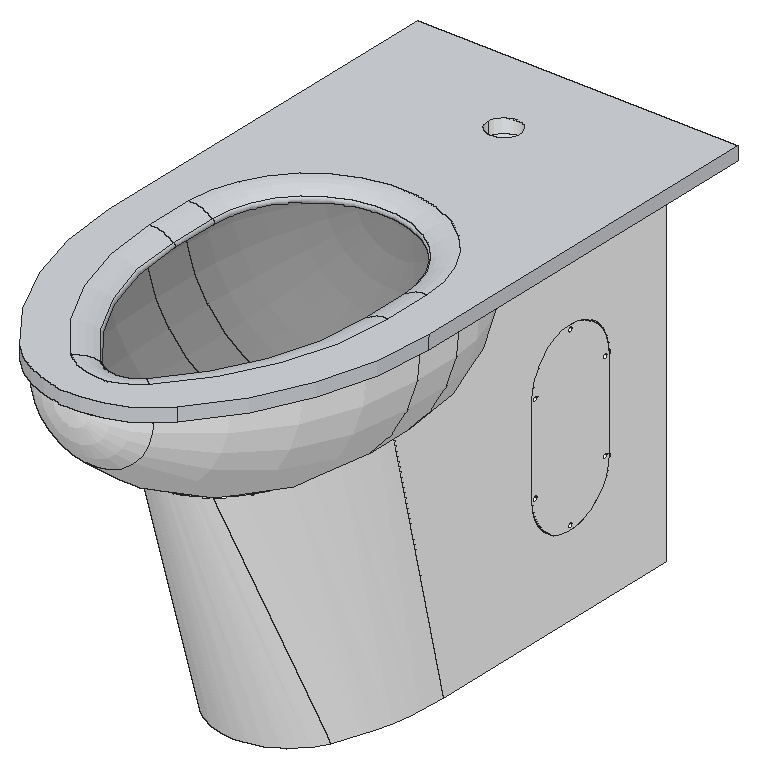
Revit family "Toilet-Floor_Outlet-Whitehall-BestCare-WH2142-ADA-T-3-EGE10_Series", category Plumbing Fixtures, host Face, Revit 2019
Family settings
  Host = Face
  Round Connector Dimension = Use Diameter
  Part Type = Normal
  OmniClass Number = 23.45.05.21.11.11
  OmniClass Title = Water Operated Water Closets
  Cut with Voids When Loaded = No
  Shared = Yes
  Room Calculation Point = No
Parameters (values of type "WH2142-ADA-T-3-EGE10_10")
  cUPC Compliant = yes
  Width = 14 3/4"  # constant formula
  Waste Connection Radius = Waste Connection Diameter / 2  # 3 3/4"
  Waste Connection Height = 5 1/2"  # constant formula
  Waste Connection Distance From Wall = 10"
  Waste Connection Diameter = 7 1/2"
  Waste Connection = yes
  WH-LRSC-WHITE Ligature Resistant Seat Cover, White (Shipped Loose) = no
  WH-LRSC-BLUE Ligature Resistant Seat Cover, Dignity Blue (Shipped Loose) = no
  WH-LRSC-BLACK Ligature Resistant Seat Cover, Black (Shipped Loose) = no
  WFU = 5
  Vent Connection = no
  URL = "http://www.whitehallmfg.com"
  Type Comments = ""
  Seat Cover Material = Stainless_Steel-Whitehall-WH-LRSC-GRAY
  Revised Date = "08/18/2023"  # constant formula
  Product Page URL = "https://www.whitehallmfg.com/wh2142-ada-t-ligature-resistant-top-supply-ada-toilets"
  Product Documentation Link = "https://www.whitehallmfg.com/uploads/fileLibrary/WH2142-ADA-T.pdf"
  Model = "WH2142-ADA-T-3-EGE10_10"
  Minimum Flowing Pressure = 25.00 psi  # constant formula
  Manufacturer = "Whitehall Mfg"  # constant formula
  Load Rating = "5000 lbs."
  Length = 29 1/4"  # constant formula
  Installation Type = "Floor Mounted"  # constant formula
  Height = 18 3/8"
  HWFU = 0
  HW Connection = no
  Flush Rate = "1.28 gpf"  # constant formula
  Description = "BestCare® Ligature-Resistant, ADA Compliant Toilet, On-Floor, Top Supply"
  Default Elevation = 0"
  Creation Date = "01/21/2021"  # constant formula
  Compliance Certifications = "The toilet is compliant to ADA 2010, ASME A112.19.3 and CSA B45.4."
  CWFU = 5
  CW Connection = yes
  Bowl Shape = "Elongated"  # constant formula
  Body Material = Stainless Steel-Whitehall-Powder Coated White
  Assembly Code = "D2010110"
  ADA Compliant = yes
  -ULF 1.6 Hydraulic GPF = no
  -HET 1.28 Hydraulic GPF = no
Types (3): name | Waste Connection Distance From Wall | Model
  (no name) | 10" | "WH2142-ADA-T-3-EGE10_10"
  WH2142-ADA-T-3-EGE10_10 | 10" | "WH2142-ADA-T-3-EGE10_10"
  WH2142-ADA-T-3-EGE10_12 | 12" | "WH2142-ADA-T-3-EGE10_12"
Reference planes (in)
  plane 1 "Center (Front/Back)": y = 1.5
  plane 2: z = 0
  plane 3 "Center (Left/Right)": x = 0
  plane 4: x = -8.5625
  plane 5: x = 8.5625
  plane 6: y = -27.75
  plane 7: x = 7.375
  plane 8: x = -7.375
  plane 9: z = 18.375
  plane 10: x = 4.25
  plane 11: x = -4.25
  plane 12: y = -8.5
Forms (in)
  Revolve 1, solid, material "Stainless Steel-Whitehall-Powder Coated White" <- "Body Material"
    sketch origin (0, -4.88957, 0) x (0, 1, 0) y (0, 0, 1)
      loop
        line (-3.61043, 0) -> (0.13957, 0) -> (0.13957, 0.125) -> (-3.61043, 0.125) -> (-3.61043, 0)
      axis (-3.61043, 0.125) -> (-3.61043, 0)
    angle from 0 to 360
Lines and regions (in)
  Masking region 1
    outline origin (0, 0, 0) x (1, 0, 0) y (0, 1, 0)
      loop
        line (7.375, 1.5) -> (-7.375, 1.5) -> (-7.375, -16.28261)
        arc (-7.375, -16.28261) -> (-6.41176, -21.5335) -> (-3.64748, -26.1006) r 14.79364
        arc (-3.64748, -26.1006) -> (0, -27.74061) -> (3.64748, -26.1006) r 4.8761
        arc (3.64748, -26.1006) -> (6.41176, -21.5335) -> (7.375, -16.28261) r 14.79364
        line (7.375, -16.28261) -> (7.375, 1.5)
  symbolic lines, detail levels medium+fine
    curve 1: arc (2.58327, -22.49208, 0) -> (4.19638, -18.31197, 0) -> (4.36709, -13.83465, 0) r 13.63167
    curve 2: arc (-2.84102, -10.56411, 0) -> (0.94981, -9.68557, 0) -> (3.9375, -12.17876, 0) r 4.36873
    curve 3: arc (3.9375, -12.17876, 0) -> (4.21866, -12.98949, 0) -> (4.36709, -13.83465, 0) r 5.36995
    curve 4: arc (-2.58327, -22.49208, 0) -> (-4.19638, -18.31197, 0) -> (-4.36709, -13.83465, 0) r 13.63167
    curve 5: arc (-2.84102, -10.56411, 0) -> (-3.88705, -12.06733, 0) -> (-4.36709, -13.83465, 0) r 5.36995
    curve 6: arc (-2.58327, -22.49208, 0) -> (0, -23.96672, 0) -> (2.58327, -22.49208, 0) r 3
    curve 7: circle (0, -2.75, 0) r 0.75 normal (0, 0, -1)
Dimensions and locks (in)
  plane 5 to plane 4 = 17 1/8"
  "Length": plane 6 to plane 1 "Center (Front/Back)"  (x2)
  "Width": plane 8 to plane 7
  "Height": plane 9 to host face
  equal spacing: plane 11, plane 3 "Center (Left/Right)", plane 10, locked at 4.25 each
  plane 8 to plane 7 = 14 3/4"
  plane 9 to host face = 18 3/8"
  "Waste Connection Distance From Wall": plane 12 to plane 1 "Center (Front/Back)"
  "Waste Connection Radius": Revolve 1 sketch curve to Revolve 1 sketch curve
  aligned and locked: plane 2 to host face
  aligned and locked: level to host face
  aligned and locked: plane 1 "Center (Front/Back)" to nested 1
  aligned and locked: plane 3 "Center (Left/Right)" to nested 1
  aligned and locked: Revolve 1 sketch curve to Revolve 1 sketch curve
  aligned and locked: Revolve 1 sketch curve to plane 12
Automatic sketch dimensions
  curve 7 to plane 3 "Center (Left/Right)" = 0"
  curve 6 to plane 3 "Center (Left/Right)" = 0"
  curve 2 to plane 3 "Center (Left/Right)" = 1/16"
  curve 3 to plane 3 "Center (Left/Right)" = 0.97922"
  curve 1 to plane 4 = 0.59232"
  plane 3 "Center (Left/Right)" to curve 5 = 0.97922"
  plane 5 to curve 4 = 0.59232"
  curve 6 to plane 6 = 6.78328"
  curve 1 to plane 12 = 7.06101"
  curve 4 to plane 12 = 7.06101"
  curve 3 to plane 12 = 5.83798"
  curve 3 to curve 5 = 0"
  curve 3 to curve 2 = 0.40259"
  plane 1 "Center (Front/Back)" to curve 7 = 4 1/4"
  plane 11 to curve 6 = 1.66673"
  curve 4 to curve 6 = 0"
  plane 11 to curve 5 = 1.40898"
  curve 5 to plane 11 = 0.11709"
  curve 1 to curve 6 = 0"
  curve 3 to curve 2 = 0"
  host sketch curve to host sketch curve = 96"  (x2)
  plane 1 "Center (Front/Back)" to Masking region 1 sketch curve = 0"
  Masking region 1 sketch curve to plane 8 = 0"
  Masking region 1 sketch curve to plane 3 "Center (Left/Right)" = 0"
  Masking region 1 sketch curve to plane 7 = 0"
  Masking region 1 sketch curve to Masking region 1 sketch curve = 0.04364"  (x2)
  Masking region 1 sketch curve to plane 12 = 7.78261"
  Masking region 1 sketch curve to Masking region 1 sketch curve = 0"  (x2)
  Masking region 1 sketch curve to plane 6 = 4.88549"
  Revolve 1 sketch curve to level = 0"
  Revolve 1 sketch curve to Revolve 1 sketch curve = 1/8"
  Revolve 1 sketch curve to level = 3 3/4"
  Revolve 1 sketch curve to Revolve 1 sketch curve = 7 7/8"
  radius of curve 7 = 3/4"
Nested families (in)
  nested 1: "Toilet-Floor_Outlet-Whitehall-BestCare-WH2142-ADA-W-EGE10_Series" at (0, 0, 0), type "WH2142-ADA-W-3-EGE10_10"
Connectors (in)
  piping at (0, -8.5, 0), diameter 7.5, driven by "Waste Connection Diameter", driven by "WFU"
    settings: on Revolve 1, index 1, connector inside diameter 24", connector length 0", flow factor 0, pipe flow 0 GPM, pressure drop 0.00 psi, fitting loss kfactor 0, connector angle 0.00°, fixture units 5, engagement length 0", angle of deflection 0.00°, flow configuration 3, flow direction 2, fitting loss method 0, system type 16, joint type 0, gender type 0, connector reference index -1, connector utility 0, adjustable connector no, is connector primary yes, connector description "7 1/2\" Waste Outlet Connection"
Definition of nested family "Toilet-Floor_Outlet-Whitehall-BestCare-WH2142-ADA-W-EGE10_Series"
  Parameters (values of type "WH2142-ADA-W-3-EGE10_10")
    Width = 14 3/4"  # constant formula
    Waste Connection Radius = Waste Connection Diameter / 2  # 1 3/16"
    Waste Connection Distance From Wall = 10"
    Waste Connection Diameter = 2 3/8"  # constant formula
    Waste Connection = yes
    WFU = 5
    Vent Connection = no
    URL = "http://www.whitehallmfg.com"
    Type Comments = ""
    Seat Cover WH-LRSC-WHITE Ligature Resistant Seat Cover, White (Shipped Loose) = no
    Seat Cover WH-LRSC-BLUE Ligature Resistant Seat Cover, Dignity Blue (Shipped Loose) = no
    Seat Cover WH-LRSC-BLACK Ligature Resistant Seat Cover, Black (Shipped Loose) = no
    Seat Cover Material = none
    Revised Date = "04/21/2022"  # constant formula
    Product Page URL = "https://www.whitehallmfg.com/product.aspx?ProductId=1065"
    Product Documentation Link = "https://www.whitehallmfg.com/uploads/fileLibrary/WH2142-ADA-W.pdf"
    Price = "Prices may vary. Please consult Manufacturer Representative for most up-to-date price list."  # constant formula
    Model = "WH2142-ADA-W-3-EGE10_10"
    Minimum Flowing Pressure = 25.00 psi  # constant formula
    Material = "Stainless Steel-Whitehall-Powder Coated White"  # constant formula
    Manufacturer = "Whitehall Mfg"  # constant formula
    Length = 29 1/4"  # constant formula
    Installation Type = "Floor Mounted"  # constant formula
    Inlet Connection Radius = Inlet Connection Diameter / 2  # 3/4"
    Inlet Connection Height = 16"  # constant formula
    Inlet Connection Diameter = 1 1/2"  # constant formula
    Height = 18 3/8"  # constant formula
    HWFU = 0
    HW Connection = no
    Flush Valve Height Constraint = if(Flush Valve Height < 19", 19", (if(Flush Valve Height > 36", 36", Flush Valve Height)))  # 36"
    Flush Valve Height = 36"
    Flush Rate = "1.28 gpf"  # constant formula
    Description = "Whitehall Ligature Resistant Cistern Tank Toilet"
    Default Elevation = 0"
    Creation Date = "01/21/2021"  # constant formula
    Connection Type = "1-1/2\" Female NPT Inlet Connection"
    CWFU = 5
    CW Connection = yes
    Bowl Shape = "Elongated"  # constant formula
    Body Material = none
    Assembly Code = "D2010110"
    ADA Compliant = yes
    -ULF 1.6 Hydraulic GPF = no
    -HET 1.28 Hydraulic GPF = no
  Types (3): name | Waste Connection Distance From Wall | Model
    (no name) | 10" | "WH2142-ADA-W-3-EGE10_10"
    WH2142-ADA-W-3-EGE10_10 | 10" | "WH2142-ADA-W-3-EGE10_10"
    WH2142-ADA-W-3-EGE10_12 | 12" | "WH2142-ADA-W-3-EGE10_12"
  Reference planes (in)
    plane 1 "Center (Front/Back)": y = 1.5
    plane 2: z = 0
    plane 3 "Center (Left/Right)": x = 0
    plane 4: x = -8.5625
    plane 5: x = 8.5625
    plane 6: y = -27.75
    plane 7: x = 7.375
    plane 8: x = -7.375
    plane 9: z = 16
    plane 10: z = 18.375
    plane 11: x = 4.25
    plane 12: x = -4.25
    plane 13: z = 36
    plane 14: x = 4.0625
    plane 15: x = -4.0625
    plane 16: x = -4.0625
    plane 17: x = 4.0625
    plane 18: y = -8.5
  Forms (in)
    Extrusion 1, solid
      sketch origin (0, 0, 0) x (1, 0, 0) y (0, 1, 0)
        loop
          line (-48, 48) -> (-48, -48) -> (48, -48) -> (48, 48) -> (-48, 48)
      from 0 to -12
    Blend 2, solid, material <- "Body Material"
      base sketch origin (0, -1.72011, 3) x (1, 0, 0) y (0, 1, 0)
        loop
          line (4.0625, 3.22011) -> (-4.0625, 3.22011) -> (-4.0625, -9.55903)
          arc (-4.0625, -9.55903) -> (-3.78724, -12.19861) -> (-2.97331, -14.7246) r 12.79364
          arc (-2.97331, -14.7246) -> (0, -16.66238) -> (2.97331, -14.7246) r 3.25
          arc (2.97331, -14.7246) -> (3.78724, -12.19861) -> (4.0625, -9.55903) r 12.79364
          line (4.0625, -9.55903) -> (4.0625, 3.22011)
      top sketch origin (0, -1.72011, 3) x (1, 0, 0) y (0, 1, 0)
        loop
          line (-4.0625, 3.22011) -> (-4.0625, -12.55903)
          arc (-4.0625, -12.55903) -> (-3.43599, -16.51354) -> (-1.61783, -20.08074) r 12.79364
          arc (-1.61783, -20.08074) -> (0, -20.90489) -> (1.61783, -20.08074) r 2
          arc (1.61783, -20.08074) -> (3.43599, -16.51354) -> (4.0625, -12.55903) r 12.79364
          line (4.0625, -12.55903) -> (4.0625, 3.22011) -> (-4.0625, 3.22011)
      from -3 to 9.35933
    Revolve 3, solid, material <- "Body Material"
      sketch origin (0, 1.25, 17.75) x (1, 0, 0) y (0, 1, 0)
        loop
          arc (-2.88823, -27.76733) -> (-1.57014, -28.67895) -> (0, -29) r 4
          line (0, -29) -> (0, -27.75)
          arc (0, -27.75) -> (-1.07947, -27.52928) -> (-1.98566, -26.90254) r 2.75
          arc (-1.98566, -26.90254) -> (-4.77373, -22.58152) -> (-5.75, -17.53261) r 13.54364
          line (-5.75, -17.53261) -> (-5.75, -15.28261)
          arc (-5.75, -15.28261) -> (-4.06586, -11.21675) -> (0, -9.53261) r 5.75
          line (0, -9.53261) -> (0, -8.28261)
          arc (0, -8.28261) -> (-4.94975, -10.33287) -> (-7, -15.28261) r 7
          line (-7, -15.28261) -> (-7, -17.53261)
          arc (-7, -17.53261) -> (-5.93362, -23.0475) -> (-2.88823, -27.76733) r 14.79364
        axis (0, -8.28261) -> (0, -29)
      angle from 0 to 180
    Blend 4, solid, material <- "Body Material"
      base sketch origin (0, -2.10102, 3) x (1, 0, 0) y (0, 1, 0)
        loop
          line (-4.0625, 3.60102) -> (-4.0625, -9.93316)
          arc (-4.0625, -9.93316) -> (0, -6.93159) -> (4.0625, -9.93316) r 4.25
          line (4.0625, -9.93316) -> (4.0625, 3.60102) -> (-4.0625, 3.60102)
      top sketch origin (0, -2.10102, 3) x (1, 0, 0) y (0, 1, 0)
        loop
          line (-4.0625, 3.60102) -> (-4.0625, -6.33302)
          arc (-4.0625, -6.33302) -> (0, -3.73884) -> (4.0625, -6.33302) r 4.47804
          line (4.0625, -6.33302) -> (4.0625, 3.60102) -> (-4.0625, 3.60102)
      from 9.35933 to 14.75
    Extrusion 5, solid
      sketch origin (0, 0, 3) x (1, 0, 0) y (0, 1, 0)
        loop
          arc (3.64748, -26.1006) -> (6.41176, -21.5335) -> (7.375, -16.28261) r 14.79364
          line (7.375, -16.28261) -> (7.375, 1.5) -> (-7.375, 1.5) -> (-7.375, -16.28261)
          arc (-7.375, -16.28261) -> (-6.41176, -21.5335) -> (-3.64748, -26.1006) r 14.79364
          arc (-3.64748, -26.1006) -> (0, -27.74061) -> (3.64748, -26.1006) r 4.8761
        loop
          line (-5.75, -14.03261) -> (-5.75, -16.28261)
          arc (-5.75, -16.28261) -> (-4.77373, -21.33152) -> (-1.98566, -25.65254) r 13.54364
          arc (-1.98566, -25.65254) -> (0, -26.5) -> (1.98566, -25.65254) r 2.75
          arc (1.98566, -25.65254) -> (4.77373, -21.33152) -> (5.75, -16.28261) r 13.54364
          line (5.75, -16.28261) -> (5.75, -14.03261)
          arc (5.75, -14.03261) -> (0, -8.28261) -> (-5.75, -14.03261) r 5.75
        loop
          circle (0, -2.75) r 0.75
      from 14.75 to 15.375
    Revolve 6, void
      sketch origin (0, 0, 17.75) x (1, 0, 0) y (0, 1, 0)
        loop
          arc (0, -9.3919) -> (-4.76587, -10.58976) -> (-6.86573, -15.03261) r 5.75
          line (-6.86573, -15.03261) -> (-6.86573, -16.86882)
          arc (-6.86573, -16.86882) -> (-5.88946, -21.91773) -> (-3.10139, -26.23875) r 13.54364
          arc (-3.10139, -26.23875) -> (-1.64725, -27.03435) -> (0, -26.8497) r 2.75
          line (0, -26.8497) -> (0, -9.3919)
        axis (0, -9.3919) -> (0, -26.8497)
      angle from 0 to 180
    Extrusion 7, void
      sketch origin (4.25, 0.75788, -0.13044) x (0, -1, 0) y (0, 0, 1)
        loop
          arc (2.50788, 6.09537) -> (4.75788, 3.84537) -> (7.00788, 6.09537) r 2.25
          line (7.00788, 6.09537) -> (7.00788, 10.14454)
          arc (7.00788, 10.14454) -> (4.75788, 12.39454) -> (2.50788, 10.14454) r 2.25
          line (2.50788, 10.14454) -> (2.50788, 6.09537)
        loop
          arc (6.97663, 10.14454) -> (4.75788, 12.36329) -> (2.53913, 10.14454) r 2.21875
          line (2.53913, 10.14454) -> (2.53913, 6.09537)
          arc (2.53913, 6.09537) -> (4.75788, 3.87662) -> (6.97663, 6.09537) r 2.21875
          line (6.97663, 6.09537) -> (6.97663, 10.14454)
        loop
          circle (6.78124, 10.18236) r 0.125
        loop
          circle (4.76226, 12.16582) r 0.125
        loop
          circle (2.74328, 10.18236) r 0.125
        loop
          circle (2.74328, 6.05699) r 0.125
        loop
          circle (6.78124, 6.05699) r 0.125
        loop
          circle (4.76226, 4.0741) r 0.125
      from 0 to 12
    Sweep 8, solid
      path origin (0, 1.25, 3) x (1, 0, 0) y (0, 1, 0)
        loop
          arc (-5.75, -17.53261) -> (-4.77373, -22.58152) -> (-1.98566, -26.90254) r 13.54364
          arc (-1.98566, -26.90254) -> (0, -27.75) -> (1.98566, -26.90254) r 2.75
          arc (1.98566, -26.90254) -> (4.77373, -22.58152) -> (5.75, -17.53261) r 13.54364
          line (5.75, -17.53261) -> (5.75, -15.28261)
          arc (5.75, -15.28261) -> (0, -9.53261) -> (-5.75, -15.28261) r 5.75
          line (-5.75, -15.28261) -> (-5.75, -17.53261)
      profile origin (-5.75, -15.15761, 3) x (-1, 0, 0) y (0, 0, 1)
        loop
          line (0, 15.375) -> (-0.25, 15.375)
          arc (-0.25, 15.375) -> (-0.8128, 15.28541) -> (-1.31996, 15.02549) r 1.8125
          arc (-1.31996, 15.02549) -> (-1.37488, 14.85511) -> (-1.22997, 14.75) r 0.15244
          line (-1.22997, 14.75) -> (0, 14.75) -> (0, 15.375)
    Extrusion 9, solid, material <- "Body Material", not visible
      sketch origin (-7.375, 1.5, 0) x (1, 0, 0) y (0, 1, 0)
        loop
          circle (7.375, -10) r 1.1875
      from 0 to 0.89958
  Cuts and joins
    Revolve 6, Extrusion 7 cuts Blend 2
    joined: Blend 2, Blend 4
    Revolve 6 cuts Extrusion 5
    joined: Extrusion 5, Sweep 8
  Lines and regions (in)
    Masking region 1
      outline origin (0, 0, 0) x (1, 0, 0) y (0, 1, 0)
        loop
          line (7.375, 1.5) -> (-7.375, 1.5) -> (-7.375, -16.28261)
          arc (-7.375, -16.28261) -> (-6.41176, -21.5335) -> (-3.64748, -26.1006) r 14.79364
          arc (-3.64748, -26.1006) -> (0, -27.74061) -> (3.64748, -26.1006) r 4.8761
          arc (3.64748, -26.1006) -> (6.41176, -21.5335) -> (7.375, -16.28261) r 14.79364
          line (7.375, -16.28261) -> (7.375, 1.5)
    Split face 1
      outline origin (7.375, 1.5, 18.375) x (0, 1, 0) y (-1, 0, 0)
        loop
          arc (-13.25, 14.75) -> (-9.71447, 13.28553) -> (-8.25, 9.75) r 5
          line (-8.25, 9.75) -> (-8.25, 5)
          arc (-8.25, 5) -> (-9.71447, 1.46447) -> (-13.25, 0) r 5
    symbolic lines, detail levels medium+fine
      curve 1: arc (1.01213, -24.64152, 0) -> (3.86392, -19.60265, 0) -> (4.36709, -13.83465, 0) r 13.63167
      curve 2: arc (-2.84102, -10.56411, 0) -> (0.94981, -9.68557, 0) -> (3.9375, -12.17876, 0) r 4.36873
      curve 3: arc (3.9375, -12.17876, 0) -> (4.21866, -12.98949, 0) -> (4.36709, -13.83465, 0) r 5.36995
      curve 4: arc (-1.01213, -24.64152, 0) -> (-3.86392, -19.60265, 0) -> (-4.36709, -13.83465, 0) r 13.63167
      curve 5: arc (-2.84102, -10.56411, 0) -> (-3.88705, -12.06733, 0) -> (-4.36709, -13.83465, 0) r 5.36995
      curve 6: arc (-1.01213, -24.64152, 0) -> (0, -25.09459, 0) -> (1.01213, -24.64152, 0) r 1.35705
      curve 10: circle (0, -2.75, 0) r 0.75 normal (0, 0, -1)
      curve 11: line (-0.23125, 1.08276, 0) -> (0.23125, 1.08276, 0)
      curve 12: line (-0.41875, 1.17287, 0) -> (0.41875, 1.17287, 0)
      curve 13: line (-0.61875, 1.28901, 0) -> (0.61875, 1.28901, 0)
      curve 14: line (-0.61875, 1.28901, 0) -> (-0.61875, 1.5, 0)
      curve 15: line (-0.41875, 1.28901, 0) -> (-0.41875, 1.17287, 0)
      curve 16: line (-0.23125, 1.08276, 0) -> (-0.23125, 1.17287, 0)
      curve 17: line (0.61875, 1.28901, 0) -> (0.61875, 1.5, 0)
      curve 18: line (0.41875, 1.28901, 0) -> (0.41875, 1.17287, 0)
      curve 19: line (0.23125, 1.08276, 0) -> (0.23125, 1.17287, 0)
    symbolic lines, detail levels fine
      curve 7: arc (-7.375, -11.75, 0) -> (-5.91053, -8.21447, 0) -> (-2.375, -6.75, 0) r 5
      curve 8: line (-2.375, -6.75, 0) -> (2.375, -6.75, 0)
      curve 9: arc (7.375, -11.75, 0) -> (5.91053, -8.21447, 0) -> (2.375, -6.75, 0) r 5
  Dimensions and locks (in)
    plane 5 to plane 4 = 17 1/8"
    "Length": plane 6 to plane 1 "Center (Front/Back)"
    "Width": plane 8 to plane 7
    "Inlet Connection Height": plane 9 to level
    "Height": plane 10 to Extrusion 1
    equal spacing: plane 12, plane 3 "Center (Left/Right)", plane 11, locked at 4.25 each
    "Flush Valve Height Constraint": plane 13 to Extrusion 1
    "Waste Connection Distance From Wall": plane 1 "Center (Front/Back)" to plane 18
    "Waste Connection Diameter": diameter of Extrusion 9 sketch curve
    aligned and locked: plane 2 to Extrusion 1
    aligned and locked: level to Extrusion 1
    aligned and locked: Blend 2 to level
    aligned and locked: curve 10 to cut or joined group of Extrusion 5, Revolve 6, Sweep 8
    aligned and locked: Extrusion 9 sketch curve to plane 18
    aligned and locked: plane 3 "Center (Left/Right)" to Extrusion 9 sketch curve
  Automatic sketch dimensions
    Extrusion 1 sketch curve to Extrusion 1 sketch curve = 96"  (x2)
    plane 1 "Center (Front/Back)" to Masking region 1 sketch curve = 0"
    Masking region 1 sketch curve to plane 8 = 0"
    Masking region 1 sketch curve to plane 3 "Center (Left/Right)" = 0"
    Masking region 1 sketch curve to plane 7 = 0"
    Masking region 1 sketch curve to Masking region 1 sketch curve = 0.04364"  (x2)
    Masking region 1 sketch curve to Masking region 1 sketch curve = 0"  (x2)
    Masking region 1 sketch curve to plane 6 = 4.88549"
    Blend 2 sketch curve to plane 15 = 0"
    Blend 2 sketch curve to plane 3 "Center (Left/Right)" = 0"  (x2)
    plane 1 "Center (Front/Back)" to Blend 2 sketch curve = 0"  (x2)
    Blend 2 sketch curve to plane 14 = 0"
    Blend 2 sketch curve to plane 4 = 0.16864"  (x2)
    plane 5 to Blend 2 sketch curve = 0.16864"  (x2)
    Blend 2 sketch curve to Blend 2 sketch curve = 0"  (x4)
    plane 12 to Blend 2 sketch curve = 3/16"
    plane 11 to Blend 2 sketch curve = 3/16"
    Blend 2 sketch curve to plane 6 = 7 1/8"
    Revolve 3 sketch curve to Revolve 3 sketch curve = 0"  (x6)
    Revolve 3 sketch curve to plane 3 "Center (Left/Right)" = 0"  (x3)
    plane 6 to Revolve 3 sketch curve = 0"
    Revolve 3 sketch curve to plane 12 = 1 1/2"
    Revolve 3 sketch curve to plane 8 = 3/8"
    plane 7 to Revolve 3 sketch curve = 0.41864"
    Revolve 3 sketch curve to Revolve 3 sketch curve = 1 1/4"
    Revolve 3 sketch curve to Revolve 3 sketch curve = 2 3/4"
    Revolve 3 sketch curve to Revolve 3 sketch curve = 1"
    plane 1 "Center (Front/Back)" to Blend 4 sketch curve = 0"  (x2)
    Blend 4 sketch curve to plane 16 = 0"
    Blend 4 sketch curve to plane 3 "Center (Left/Right)" = 0"  (x2)
    Blend 4 sketch curve to plane 17 = 0"
    plane 12 to Blend 4 sketch curve = 3/16"
    plane 11 to Blend 4 sketch curve = 3/16"
    plane 1 "Center (Front/Back)" to Extrusion 5 sketch curve = 0"
    Extrusion 5 sketch curve to plane 8 = 0"
    Extrusion 5 sketch curve to plane 3 "Center (Left/Right)" = 0"  (x4)
    Extrusion 5 sketch curve to plane 7 = 0"
    Extrusion 5 sketch curve to Extrusion 5 sketch curve = 0.04364"  (x2)
    Extrusion 5 sketch curve to Extrusion 5 sketch curve = 3/8"  (x2)
    Extrusion 5 sketch curve to plane 12 = 1 1/2"
    plane 1 "Center (Front/Back)" to Extrusion 5 sketch curve = 4 1/4"
    Extrusion 5 sketch curve to Extrusion 5 sketch curve = 2 1/4"
    Extrusion 5 sketch curve to Extrusion 5 sketch curve = 0"  (x5)
    Extrusion 5 sketch curve to plane 6 = 4.88549"
    Extrusion 5 sketch curve to Extrusion 5 sketch curve = 0.88549"
    Revolve 6 sketch curve to plane 3 "Center (Left/Right)" = 0"  (x2)
    Revolve 6 sketch curve to plane 3 "Center (Left/Right)" = 1.11573"  (x2)
    Revolve 6 sketch curve to plane 8 = 0.50927"
    Revolve 6 sketch curve to plane 7 = 0.69709"
    Revolve 6 sketch curve to plane 6 = 0.9003"
    Revolve 6 sketch curve to Revolve 6 sketch curve = 2.51349"
    Revolve 6 sketch curve to Revolve 6 sketch curve = 1.83621"
    Revolve 6 sketch curve to Revolve 6 sketch curve = 0.33621"
    Sweep 8 sketch curve to plane 3 "Center (Left/Right)" = 0"  (x2)
    Sweep 8 sketch curve to plane 12 = 1 1/2"
    plane 8 to Sweep 8 sketch curve = 0.41864"
    plane 7 to Sweep 8 sketch curve = 0.41864"
    Sweep 8 sketch curve to plane 6 = 4"
    Sweep 8 sketch curve to Sweep 8 sketch curve = 0"  (x2)
    Sweep 8 sketch curve to profile plane = 0"
    profile plane to Sweep 8 sketch curve = 1/4"
    Sweep 8 sketch curve to Sweep 8 sketch curve = 0.97997"
    profile plane to Sweep 8 sketch curve = 13 9/16"
    Sweep 8 sketch curve to Sweep 8 sketch curve = 1 3/16"
    Sweep 8 sketch curve to Sweep 8 sketch curve = 0.15244"
    Sweep 8 sketch curve to Sweep 8 sketch curve = 5/8"
    Split face 1 sketch curve to cut or joined group of Extrusion 5, Revolve 6, Sweep 8 = 0"  (x2)
    Split face 1 sketch curve to Split face 1 sketch curve = 0"
    Split face 1 sketch curve to cut or joined group of Extrusion 5, Revolve 6, Sweep 8 = 3 1/8"
    Split face 1 sketch curve to cut or joined group of Extrusion 5, Revolve 6, Sweep 8 = 13 1/4"
    curve 6 to plane 3 "Center (Left/Right)" = 0"
    curve 2 to plane 3 "Center (Left/Right)" = 1/16"
    curve 3 to plane 3 "Center (Left/Right)" = 0.97922"
    curve 1 to plane 4 = 0.59232"
    plane 3 "Center (Left/Right)" to curve 5 = 0.97922"
    plane 5 to curve 4 = 0.59232"
    curve 6 to plane 6 = 4.01246"
    curve 3 to curve 5 = 0"
    curve 3 to curve 2 = 0.40259"
    curve 6 to plane 3 "Center (Left/Right)" = 1.01213"
    curve 4 to curve 6 = 0"
    curve 5 to plane 3 "Center (Left/Right)" = 2.84102"
    curve 1 to curve 6 = 0"
    curve 3 to curve 2 = 0"
    curve 4 to plane 6 = 12.18899"
    curve 6 to curve 1 = 9.0805"
    curve 4 to curve 5 = 1.22303"
    curve 5 to plane 12 = 0.11709"
    Masking region 1 sketch curve to Masking region 1 sketch curve = 6.5819"
    Blend 2 sketch curve to Blend 2 sketch curve = 12.77915"
    Blend 2 sketch curve to Blend 2 sketch curve = 3.85334"
    Blend 2 sketch curve to Blend 2 sketch curve = 6.34585"
    Revolve 3 sketch curve to Revolve 3 sketch curve = 6.46739"
    Revolve 3 sketch curve to Revolve 3 sketch curve = 2 1/4"
    Revolve 3 sketch curve to Revolve 3 sketch curve = 2.46739"
    Blend 4 sketch curve to Blend 4 sketch curve = 13.53418"
    Blend 4 sketch curve to Blend 4 sketch curve = 1.24844"
    Blend 4 sketch curve to Blend 4 sketch curve = 9.93404"
    Blend 4 sketch curve to Blend 4 sketch curve = 1.88386"
    Extrusion 5 sketch curve to Extrusion 5 sketch curve = 6.5819"
    Revolve 6 sketch curve to Revolve 6 sketch curve = 7.13118"
    Revolve 6 sketch curve to Revolve 6 sketch curve = 2.6081"
    Sweep 8 sketch curve to Sweep 8 sketch curve = 7.46739"
    Sweep 8 sketch curve to Sweep 8 sketch curve = 2 1/4"
    Extrusion 7 sketch curve to Extrusion 7 sketch curve = 0"  (x5)
    Extrusion 7 sketch curve to Extrusion 7 sketch curve = 1/32"
    Extrusion 7 sketch curve to Extrusion 7 sketch curve = 0.20415"  (x2)
    level to Extrusion 7 sketch curve = 3.94366"
    Extrusion 7 sketch curve to Extrusion 7 sketch curve = 1.98289"  (x2)
    Extrusion 7 sketch curve to Extrusion 7 sketch curve = 0.03839"
    Extrusion 7 sketch curve to Extrusion 7 sketch curve = 4.04917"
    Extrusion 7 sketch curve to Extrusion 7 sketch curve = 0.03781"  (x2)
    Extrusion 7 sketch curve to Extrusion 7 sketch curve = 2.02127"
    curve 7 to Masking region 1 = 0"
    curve 14 to Masking region 1 = 0"
    curve 17 to Masking region 1 = 0"
    curve 9 to Masking region 1 = 0"
    curve 8 to curve 10 = 2 3/8"
    curve 14 to curve 10 = 0.61875"
    curve 13 to curve 15 = 0.2"
    curve 12 to curve 11 = 3/16"
    curve 7 to curve 9 = 4 3/4"
    curve 8 to curve 10 = 4"
    curve 16 to curve 13 = 0.84999"
    curve 19 to curve 18 = 3/16"
    curve 18 to curve 17 = 0.2"
    plane 1 "Center (Front/Back)" to Extrusion 7 sketch curve = 3 1/4"
    Extrusion 7 sketch curve to Extrusion 7 sketch curve = 2.0146"
    Extrusion 7 sketch curve to Extrusion 7 sketch curve = 0.00438"  (x2)
    Extrusion 7 sketch curve to Extrusion 7 sketch curve = 0.19539"  (x2)
    curve 11 to Masking region 1 = 0.41724"
    curve 11 to curve 12 = 0.0901"
    curve 13 to Masking region 1 = 0.21099"
    radius of Extrusion 5 sketch curve = 3/4"
    radius of Extrusion 7 sketch curve = 1/8"  (x6)
